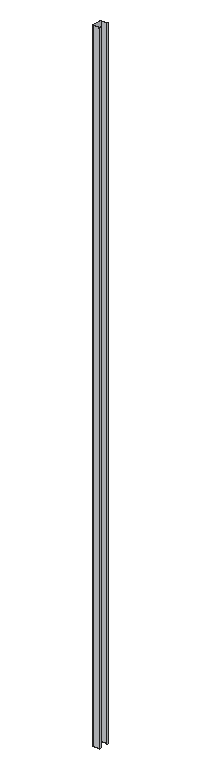
Revit family "BIMSF-SSMA-S-Column", category Structural Columns, Revit 2016
Family settings
  Section Shape = C-channel Parallel Flange
  Material for Model Behavior = Steel
  Always export as geometry = No
  Beam cutback in plan = From geometry
  Cut with Voids When Loaded = No
  Symbolic Representation = From Family
  Shared = No
  Show family pre-cut in plan views = Yes
Parameters (values of type "Default")
  tf = 0' - 0 9/256"
  d = 0' - 1 159/256"
  bf = 0' - 1 1/4"
  Structural Material [instance] = none
  Short Tag = ""
  Return = 0' - 0 3/16"
  Reported Length [instance] = 9' - 0"
  Model = "V2"
  Long Tag = ""
Reference planes (in)
  plane 1 "Center (Front/Back)": y = -0.42272
  plane 2: z = 0
  plane 3 "Center (Left/Right)": x = 0.27765
  plane 4 "Left": x = -0.34735
  plane 5 "Right": x = 0.90265
  plane 6 "Back": y = 0.38783
  plane 7 "Front": y = -1.23327
  plane 8: x = 0.86749
  plane 9: x = -0.3122
  plane 10: y = 0.35267
  plane 11: y = -1.19811
  plane 12: y = 0.16517
  plane 13: y = -1.01061
Forms (in)
  Extrusion 1, solid, material <- "Structural Material", detail levels medium+fine
    sketch origin (0, 0, 0) x (1, 0, 0) y (0, 1, 0)
      loop
        line (-0.34735, 0.38783) -> (-0.34735, -1.23327) -> (0.90265, -1.23327) -> (0.90265, -1.01061) -> (0.86749, -1.01061) -> (0.86749, -1.19811) -> (-0.3122, -1.19811) -> (-0.3122, 0.35267) -> (0.86749, 0.35267) -> (0.86749, 0.16517) -> (0.90265, 0.16517) -> (0.90265, 0.38783) -> (-0.34735, 0.38783)
    from 0 to 108
Lines and regions (in)
  model lines, style "BIMSF.Framing", detail levels coarse
    curve 1: line (0.27765, -0.42272, 108) -> (0.27765, -0.42272, 0)
Dimensions and locks (in)
  equal spacing: plane 4 "Left", plane 3 "Center (Left/Right)", plane 5 "Right"
  equal spacing: plane 7 "Front", plane 1 "Center (Front/Back)", plane 6 "Back"
  "bf": plane 4 "Left" to plane 5 "Right"
  "d": plane 7 "Front" to plane 6 "Back"
  "tf": plane 6 "Back" to plane 10
  "tf": plane 11 to plane 7 "Front"
  "tf": plane 8 to plane 5 "Right"
  "tf": plane 4 "Left" to plane 9
  "Return": plane 10 to plane 12
  "Return": plane 13 to plane 11
  Extrusion 1 to Extrusion 1 = 9' - 0"
  "Reported Length": Extrusion 1 to Extrusion 1
  aligned and locked: Extrusion 1 sketch curve to plane 6 "Back"
  aligned and locked: plane 4 "Left" to Extrusion 1 sketch curve
  aligned and locked: plane 7 "Front" to Extrusion 1 sketch curve
  aligned and locked: Extrusion 1 sketch curve to plane 5 "Right"  (x2)
  aligned and locked: plane 13 to Extrusion 1 sketch curve
  aligned and locked: Extrusion 1 sketch curve to plane 8  (x2)
  aligned and locked: plane 11 to Extrusion 1 sketch curve
  aligned and locked: Extrusion 1 sketch curve to plane 9
  aligned and locked: Extrusion 1 sketch curve to plane 10
  aligned and locked: Extrusion 1 sketch curve to plane 12
  aligned and locked: level to Extrusion 1
  aligned and locked: Extrusion 1 to level
  aligned and locked: curve 1 to plane 1 "Center (Front/Back)"
  aligned and locked: level to curve 1  (x2)
Types in the file's own list only (142): name | tf | d | bf | Return
  162S125-27 | 0' - 0 1/32" | 0' - 1 5/8" | 0' - 1 1/4" | 0' - 0 3/16"
  162S125-30 | 0' - 0 1/32" | 0' - 1 5/8" | 0' - 1 1/4" | 0' - 0 3/16"
  162S125-33 | 0' - 0 1/32" | 0' - 1 5/8" | 0' - 1 1/4" | 0' - 0 3/16"
  250S125-27 | 0' - 0 1/32" | 0' - 2 1/2" | 0' - 1 1/4" | 0' - 0 3/16"
  250S125-30 | 0' - 0 1/32" | 0' - 2 1/2" | 0' - 1 1/4" | 0' - 0 3/16"
  250S125-33 | 0' - 0 1/32" | 0' - 2 1/2" | 0' - 1 1/4" | 0' - 0 3/16"
  250S125-43 | 0' - 0 1/32" | 0' - 2 1/2" | 0' - 1 1/4" | 0' - 0 3/16"
  250S125-54 | 0' - 0 1/16" | 0' - 2 1/2" | 0' - 1 1/4" | 0' - 0 3/16"
  250S125-68 | 0' - 0 1/16" | 0' - 2 1/2" | 0' - 1 1/4" | 0' - 0 3/16"
  350S125-27 | 0' - 0 1/32" | 0' - 3 1/2" | 0' - 1 1/4" | 0' - 0 3/16"
  350S125-30 | 0' - 0 1/32" | 0' - 3 1/2" | 0' - 1 1/4" | 0' - 0 3/16"
  350S125-33 | 0' - 0 1/32" | 0' - 3 1/2" | 0' - 1 1/4" | 0' - 0 3/16"
  350S125-43 | 0' - 0 1/32" | 0' - 3 1/2" | 0' - 1 1/4" | 0' - 0 3/16"
  350S125-54 | 0' - 0 1/16" | 0' - 3 1/2" | 0' - 1 1/4" | 0' - 0 3/16"
  350S125-68 | 0' - 0 1/16" | 0' - 3 1/2" | 0' - 1 1/4" | 0' - 0 3/16"
  362S125-27 | 0' - 0 1/32" | 0' - 3 5/8" | 0' - 1 1/4" | 0' - 0 3/16"
  362S125-30 | 0' - 0 1/32" | 0' - 3 5/8" | 0' - 1 1/4" | 0' - 0 3/16"
  362S125-33 | 0' - 0 1/32" | 0' - 3 5/8" | 0' - 1 1/4" | 0' - 0 3/16"
  362S125-43 | 0' - 0 1/32" | 0' - 3 5/8" | 0' - 1 1/4" | 0' - 0 3/16"
  362S125-54 | 0' - 0 1/16" | 0' - 3 5/8" | 0' - 1 1/4" | 0' - 0 3/16"
  362S125-68 | 0' - 0 1/16" | 0' - 3 5/8" | 0' - 1 1/4" | 0' - 0 3/16"
  400S125-27 | 0' - 0 1/32" | 0' - 4" | 0' - 1 1/4" | 0' - 0 3/16"
  400S125-30 | 0' - 0 1/32" | 0' - 4" | 0' - 1 1/4" | 0' - 0 3/16"
  400S125-33 | 0' - 0 1/32" | 0' - 4" | 0' - 1 1/4" | 0' - 0 3/16"
  400S125-43 | 0' - 0 1/32" | 0' - 4" | 0' - 1 1/4" | 0' - 0 3/16"
  400S125-54 | 0' - 0 1/16" | 0' - 4" | 0' - 1 1/4" | 0' - 0 3/16"
  400S125-68 | 0' - 0 1/16" | 0' - 4" | 0' - 1 1/4" | 0' - 0 3/16"
  550S125-27 | 0' - 0 1/32" | 0' - 5 1/2" | 0' - 1 1/4" | 0' - 0 3/16"
  550S125-30 | 0' - 0 1/32" | 0' - 5 1/2" | 0' - 1 1/4" | 0' - 0 3/16"
  550S125-33 | 0' - 0 1/32" | 0' - 5 1/2" | 0' - 1 1/4" | 0' - 0 3/16"
  550S125-43 | 0' - 0 1/32" | 0' - 5 1/2" | 0' - 1 1/4" | 0' - 0 3/16"
  550S125-54 | 0' - 0 1/16" | 0' - 5 1/2" | 0' - 1 1/4" | 0' - 0 3/16"
  550S125-68 | 0' - 0 1/16" | 0' - 5 1/2" | 0' - 1 1/4" | 0' - 0 3/16"
  600S125-27 | 0' - 0 1/32" | 0' - 6" | 0' - 1 1/4" | 0' - 0 3/16"
  600S125-30 | 0' - 0 1/32" | 0' - 6" | 0' - 1 1/4" | 0' - 0 3/16"
  600S125-33 | 0' - 0 1/32" | 0' - 6" | 0' - 1 1/4" | 0' - 0 3/16"
  600S125-43 | 0' - 0 1/32" | 0' - 6" | 0' - 1 1/4" | 0' - 0 3/16"
  600S125-54 | 0' - 0 1/16" | 0' - 6" | 0' - 1 1/4" | 0' - 0 3/16"
  600S125-68 | 0' - 0 1/16" | 0' - 6" | 0' - 1 1/4" | 0' - 0 3/16"
  800S125-33 | 0' - 0 1/32" | 0' - 8" | 0' - 1 1/4" | 0' - 0 3/16"
  800S125-43 | 0' - 0 1/32" | 0' - 8" | 0' - 1 1/4" | 0' - 0 3/16"
  800S125-54 | 0' - 0 1/16" | 0' - 8" | 0' - 1 1/4" | 0' - 0 3/16"
  800S125-68 | 0' - 0 1/16" | 0' - 8" | 0' - 1 1/4" | 0' - 0 3/16"
  250S137-33 | 0' - 0 1/32" | 0' - 2 1/2" | 0' - 1 3/8" | 0' - 0 3/8"
  250S137-43 | 0' - 0 1/32" | 0' - 2 1/2" | 0' - 1 3/8" | 0' - 0 3/8"
  250S137-54 | 0' - 0 1/16" | 0' - 2 1/2" | 0' - 1 3/8" | 0' - 0 3/8"
  250S137-68 | 0' - 0 1/16" | 0' - 2 1/2" | 0' - 1 3/8" | 0' - 0 3/8"
  250S162-33 | 0' - 0 1/32" | 0' - 2 1/2" | 0' - 1 5/8" | 0' - 0 1/2"
  250S162-43 | 0' - 0 1/32" | 0' - 2 1/2" | 0' - 1 5/8" | 0' - 0 1/2"
  250S162-54 | 0' - 0 1/16" | 0' - 2 1/2" | 0' - 1 5/8" | 0' - 0 1/2"
  250S162-68 | 0' - 0 1/16" | 0' - 2 1/2" | 0' - 1 5/8" | 0' - 0 1/2"
  350S162-33 | 0' - 0 1/32" | 0' - 3 1/2" | 0' - 1 5/8" | 0' - 0 1/2"
  350S162-43 | 0' - 0 1/32" | 0' - 3 1/2" | 0' - 1 5/8" | 0' - 0 1/2"
  350S162-54 | 0' - 0 1/16" | 0' - 3 1/2" | 0' - 1 5/8" | 0' - 0 1/2"
  350S162-68 | 0' - 0 1/16" | 0' - 3 1/2" | 0' - 1 5/8" | 0' - 0 1/2"
  362S137-33 | 0' - 0 1/32" | 0' - 3 5/8" | 0' - 1 3/8" | 0' - 0 3/8"
  362S137-43 | 0' - 0 1/32" | 0' - 3 5/8" | 0' - 1 3/8" | 0' - 0 3/8"
  362S137-54 | 0' - 0 1/16" | 0' - 3 5/8" | 0' - 1 3/8" | 0' - 0 3/8"
  362S137-68 | 0' - 0 1/16" | 0' - 3 5/8" | 0' - 1 3/8" | 0' - 0 3/8"
  362S162-33 | 0' - 0 1/32" | 0' - 3 5/8" | 0' - 1 5/8" | 0' - 0 1/2"
  362S162-43 | 0' - 0 1/32" | 0' - 3 5/8" | 0' - 1 5/8" | 0' - 0 1/2"
  362S162-54 | 0' - 0 1/16" | 0' - 3 5/8" | 0' - 1 5/8" | 0' - 0 1/2"
  362S162-68 | 0' - 0 1/16" | 0' - 3 5/8" | 0' - 1 5/8" | 0' - 0 1/2"
  362S200-33 | 0' - 0 1/32" | 0' - 3 5/8" | 0' - 2" | 0' - 0 5/8"
  362S200-43 | 0' - 0 1/32" | 0' - 3 5/8" | 0' - 2" | 0' - 0 5/8"
  362S200-54 | 0' - 0 1/16" | 0' - 3 5/8" | 0' - 2" | 0' - 0 5/8"
  362S200-68 | 0' - 0 1/16" | 0' - 3 5/8" | 0' - 2" | 0' - 0 5/8"
  400S137-33 | 0' - 0 1/32" | 0' - 4" | 0' - 1 3/8" | 0' - 0 3/8"
  400S137-43 | 0' - 0 1/32" | 0' - 4" | 0' - 1 3/8" | 0' - 0 3/8"
  400S137-54 | 0' - 0 1/16" | 0' - 4" | 0' - 1 3/8" | 0' - 0 3/8"
  400S137-68 | 0' - 0 1/16" | 0' - 4" | 0' - 1 3/8" | 0' - 0 3/8"
  400S162-33 | 0' - 0 1/32" | 0' - 4" | 0' - 1 5/8" | 0' - 0 1/2"
  400S162-43 | 0' - 0 1/32" | 0' - 4" | 0' - 1 5/8" | 0' - 0 1/2"
  400S162-54 | 0' - 0 1/16" | 0' - 4" | 0' - 1 5/8" | 0' - 0 1/2"
  400S162-68 | 0' - 0 1/16" | 0' - 4" | 0' - 1 5/8" | 0' - 0 1/2"
  400S200-33 | 0' - 0 1/32" | 0' - 4" | 0' - 2" | 0' - 0 5/8"
  400S200-43 | 0' - 0 1/32" | 0' - 4" | 0' - 2" | 0' - 0 5/8"
  400S200-54 | 0' - 0 1/16" | 0' - 4" | 0' - 2" | 0' - 0 5/8"
  400S200-68 | 0' - 0 1/16" | 0' - 4" | 0' - 2" | 0' - 0 5/8"
  550S162-33 | 0' - 0 1/32" | 0' - 5 1/2" | 0' - 1 5/8" | 0' - 0 1/2"
  550S162-43 | 0' - 0 1/32" | 0' - 5 1/2" | 0' - 1 5/8" | 0' - 0 1/2"
  550S162-54 | 0' - 0 1/16" | 0' - 5 1/2" | 0' - 1 5/8" | 0' - 0 1/2"
  550S162-68 | 0' - 0 1/16" | 0' - 5 1/2" | 0' - 1 5/8" | 0' - 0 1/2"
  600S137-33 | 0' - 0 1/32" | 0' - 6" | 0' - 1 3/8" | 0' - 0 3/8"
  600S137-43 | 0' - 0 1/32" | 0' - 6" | 0' - 1 3/8" | 0' - 0 3/8"
  600S137-54 | 0' - 0 1/16" | 0' - 6" | 0' - 1 3/8" | 0' - 0 3/8"
  600S137-68 | 0' - 0 1/16" | 0' - 6" | 0' - 1 3/8" | 0' - 0 3/8"
  600S137-97 | 0' - 0 3/32" | 0' - 6" | 0' - 1 3/8" | 0' - 0 3/8"
  600S162-33 | 0' - 0 1/32" | 0' - 6" | 0' - 1 5/8" | 0' - 0 1/2"
  600S162-43 | 0' - 0 1/32" | 0' - 6" | 0' - 1 5/8" | 0' - 0 1/2"
  600S162-54 | 0' - 0 1/16" | 0' - 6" | 0' - 1 5/8" | 0' - 0 1/2"
  600S162-68 | 0' - 0 1/16" | 0' - 6" | 0' - 1 5/8" | 0' - 0 1/2"
  600S162-97 | 0' - 0 3/32" | 0' - 6" | 0' - 1 5/8" | 0' - 0 1/2"
  600S200-33 | 0' - 0 1/32" | 0' - 6" | 0' - 2" | 0' - 0 5/8"
  600S200-43 | 0' - 0 1/32" | 0' - 6" | 0' - 2" | 0' - 0 5/8"
  600S200-54 | 0' - 0 1/16" | 0' - 6" | 0' - 2" | 0' - 0 5/8"
  600S200-68 | 0' - 0 1/16" | 0' - 6" | 0' - 2" | 0' - 0 5/8"
  600S200-97 | 0' - 0 3/32" | 0' - 6" | 0' - 2" | 0' - 0 5/8"
  600S250-43 | 0' - 0 1/32" | 0' - 6" | 0' - 2 1/2" | 0' - 0 5/8"
  600S250-54 | 0' - 0 1/16" | 0' - 6" | 0' - 2 1/2" | 0' - 0 5/8"
  600S250-68 | 0' - 0 1/16" | 0' - 6" | 0' - 2 1/2" | 0' - 0 5/8"
  600S250-97 | 0' - 0 3/32" | 0' - 6" | 0' - 2 1/2" | 0' - 0 5/8"
  800S137-33 | 0' - 0 1/32" | 0' - 8" | 0' - 1 3/8" | 0' - 0 3/8"
  800S137-43 | 0' - 0 1/32" | 0' - 8" | 0' - 1 3/8" | 0' - 0 3/8"
  800S137-54 | 0' - 0 1/16" | 0' - 8" | 0' - 1 3/8" | 0' - 0 3/8"
  800S137-68 | 0' - 0 1/16" | 0' - 8" | 0' - 1 3/8" | 0' - 0 3/8"
  800S137-97 | 0' - 0 3/32" | 0' - 8" | 0' - 1 3/8" | 0' - 0 3/8"
  800S162-33 | 0' - 0 1/32" | 0' - 8" | 0' - 1 5/8" | 0' - 0 1/2"
  800S162-43 | 0' - 0 1/32" | 0' - 8" | 0' - 1 5/8" | 0' - 0 1/2"
  800S162-54 | 0' - 0 1/16" | 0' - 8" | 0' - 1 5/8" | 0' - 0 1/2"
  800S162-68 | 0' - 0 1/16" | 0' - 8" | 0' - 1 5/8" | 0' - 0 1/2"
  800S162-97 | 0' - 0 3/32" | 0' - 8" | 0' - 1 5/8" | 0' - 0 1/2"
  800S200-33 | 0' - 0 1/32" | 0' - 8" | 0' - 2" | 0' - 0 5/8"
  800S200-43 | 0' - 0 1/32" | 0' - 8" | 0' - 2" | 0' - 0 5/8"
  800S200-54 | 0' - 0 1/16" | 0' - 8" | 0' - 2" | 0' - 0 5/8"
  800S200-68 | 0' - 0 1/16" | 0' - 8" | 0' - 2" | 0' - 0 5/8"
  800S200-97 | 0' - 0 3/32" | 0' - 8" | 0' - 2" | 0' - 0 5/8"
  800S250-43 | 0' - 0 1/32" | 0' - 8" | 0' - 2 1/2" | 0' - 0 5/8"
  800S250-54 | 0' - 0 1/16" | 0' - 8" | 0' - 2 1/2" | 0' - 0 5/8"
  800S250-68 | 0' - 0 1/16" | 0' - 8" | 0' - 2 1/2" | 0' - 0 5/8"
  800S250-97 | 0' - 0 3/32" | 0' - 8" | 0' - 2 1/2" | 0' - 0 5/8"
  1000S162-43 | 0' - 0 1/32" | 0' - 10" | 0' - 1 5/8" | 0' - 0 1/2"
  1000S162-54 | 0' - 0 1/16" | 0' - 10" | 0' - 1 5/8" | 0' - 0 1/2"
  1000S162-68 | 0' - 0 1/16" | 0' - 10" | 0' - 1 5/8" | 0' - 0 1/2"
  1000S162-97 | 0' - 0 3/32" | 0' - 10" | 0' - 1 5/8" | 0' - 0 1/2"
  1000S200-43 | 0' - 0 1/32" | 0' - 10" | 0' - 2" | 0' - 0 5/8"
  1000S200-54 | 0' - 0 1/16" | 0' - 10" | 0' - 2" | 0' - 0 5/8"
  1000S200-68 | 0' - 0 1/16" | 0' - 10" | 0' - 2" | 0' - 0 5/8"
  1000S200-97 | 0' - 0 3/32" | 0' - 10" | 0' - 2" | 0' - 0 5/8"
  1000S250-43 | 0' - 0 1/32" | 0' - 10" | 0' - 2 1/2" | 0' - 0 5/8"
  1000S250-54 | 0' - 0 1/16" | 0' - 10" | 0' - 2 1/2" | 0' - 0 5/8"
  1000S250-68 | 0' - 0 1/16" | 0' - 10" | 0' - 2 1/2" | 0' - 0 5/8"
  1000S250-97 | 0' - 0 3/32" | 0' - 10" | 0' - 2 1/2" | 0' - 0 5/8"
  1200S162-54 | 0' - 0 1/16" | 1' - 0" | 0' - 1 5/8" | 0' - 0 1/2"
  1200S162-68 | 0' - 0 1/16" | 1' - 0" | 0' - 1 5/8" | 0' - 0 1/2"
  1200S162-97 | 0' - 0 3/32" | 1' - 0" | 0' - 1 5/8" | 0' - 0 1/2"
  1200S200-54 | 0' - 0 1/16" | 1' - 0" | 0' - 2" | 0' - 0 5/8"
  1200S200-68 | 0' - 0 1/16" | 1' - 0" | 0' - 2" | 0' - 0 5/8"
  1200S200-97 | 0' - 0 3/32" | 1' - 0" | 0' - 2" | 0' - 0 5/8"
  1200S250-54 | 0' - 0 1/16" | 1' - 0" | 0' - 2 1/2" | 0' - 0 5/8"
  1200S250-68 | 0' - 0 1/16" | 1' - 0" | 0' - 2 1/2" | 0' - 0 5/8"
  1200S250-97 | 0' - 0 3/32" | 1' - 0" | 0' - 2 1/2" | 0' - 0 5/8"
